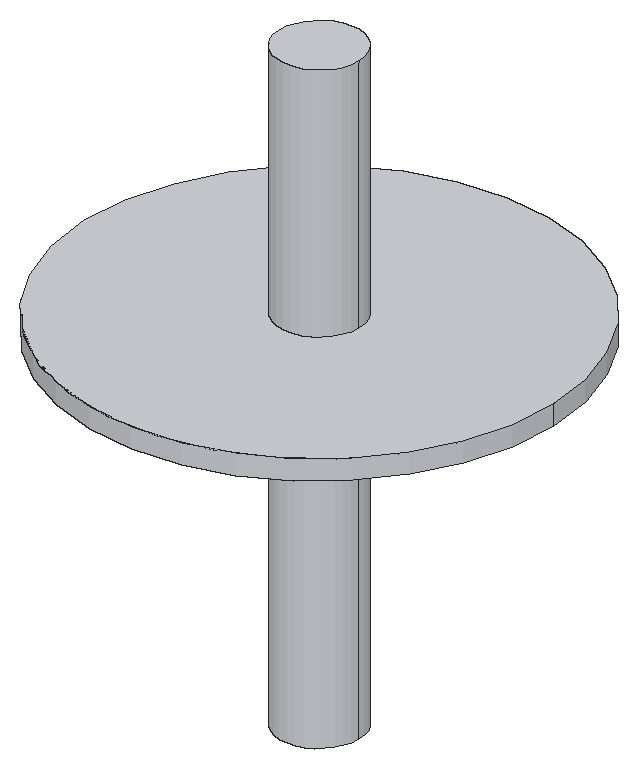
Revit family "6825a052920a43dd857d6d961dd2fb2f", category Sprinklers, host Face, Revit 2021
Family settings
  Host = Face
  Maintain Annotation Orientation = Yes
  Round Connector Dimension = Use Radius
  Part Type = Normal
  OmniClass Number = 23.65.70.17.11.24
  OmniClass Title = Fire Fighting Sprinkler Heads
  Seek Item ID = Sprinkler - Dry - Horizontal Sidewall - Semi-Recessed - Hosted-0000-USA-ENU
  Cut with Voids When Loaded = No
  Shared = No
  Room Calculation Point = No
Parameters (values of type "1/2" Dry Horizontal Sidewall")
  Temperature Rating = 135 °F
  Response = Standard
  Pressure Drop [instance] = 7.00 psi
  Pressure Class = Standard
  Orifice Size = 1/2"
  Orifice = Standard
  K-Factor = 5.6
  Flow [instance] = 30 GPM
  Escutcheon Diameter = 2 15/16"
  Coverage = Standard
  Nominal Diameter = Nominal Radius * 2  # 1/2"
  Nominal Radius = 1/4"
  Escutcheon Radius = 0.5 * Escutcheon Diameter  # 1 15/32"
  Protrusion = 1 5/8"
  Overall Length = 4 1/16"
  Escutcheon Thickness = 1/8"
  Default Elevation = 8' - 0"
  CEL = 1/4"
  Assembly Code = ""
Reference planes (in)
  plane 1 "Center (Front/Back)": y = 0
  plane 2: z = 0
  plane 3 "Center (Left/Right)": x = 0
  plane 4: z = -2.4375
  plane 5: z = 0.125
  plane 6: z = 1.625
  plane 7: z = -2.1875
Forms (in)
  Extrusion 1, solid
    sketch origin (0, 0, 0) x (1, 0, 0) y (0, 1, 0)
      loop
        circle (0, 0) r 0.25
    from -2.1875 to 1.625
  Extrusion 2, solid
    sketch origin (0, 0, 0) x (1, 0, 0) y (0, 1, 0)
      loop
        circle (0, 0) r 1.46875
    from 0 to 0.125
Cuts and joins
  joined: Extrusion 1, Extrusion 2
Dimensions and locks (in)
  "Escutcheon Thickness": plane 5 to level
  "Protrusion": plane 6 to level
  "Overall Length": plane 6 to plane 4
  "CEL": plane 7 to plane 4
  "Nominal Radius": radius of Extrusion 1 sketch curve
  "Escutcheon Radius": radius of Extrusion 2 sketch curve
  aligned and locked: plane 2 to host face
  aligned and locked: level to host face
  aligned and locked: Extrusion 2 to level
  aligned and locked: plane 5 to Extrusion 2
  aligned and locked: plane 6 to Extrusion 1
  aligned and locked: Extrusion 1 to plane 7
Automatic sketch dimensions
  Extrusion 1 sketch curve to plane 1 "Center (Front/Back)" = 0' - 0"
  Extrusion 1 sketch curve to plane 3 "Center (Left/Right)" = 0' - 0"
  Extrusion 2 sketch curve to plane 1 "Center (Front/Back)" = 0' - 0"
  Extrusion 2 sketch curve to plane 3 "Center (Left/Right)" = 0' - 0"
  host sketch curve to host sketch curve = 8' - 0"  (x2)
Nested families (in)
  nested 1: "Sprinkler - Symbol - Horizontal Sidewall" at (0, 0, 0), type "Sprinkler - Symbol - Horizontal Sidewall"
Connectors (in)
  piping at (0, 0, -2.1875), diameter 0.5, driven by "Nominal Radius", driven by "Flow", driven by "Pressure Drop"
    settings: on cut or joined group of Extrusion 1, Extrusion 2, index 1, connector inside diameter 1/2", connector length 0' - 0", flow factor 0, pipe flow 30 GPM, pressure drop 7.00 psi, fitting loss kfactor 0, connector angle 0.00°, fixture units 0, engagement length 0' - 0", angle of deflection 0.00°, flow configuration 1, flow direction 1, fitting loss method 4, system type 24, joint type 0, gender type 0, connector reference index -1, connector utility 0, adjustable connector no, is connector primary yes, connector description "In"
Definition of nested family "Sprinkler - Symbol - Horizontal Sidewall"
  Parameters
    Symbol Width = Symbol Depth  # 1/16"
    Symbol Half Width = 0.5 * Symbol Width  # 1/32"
    Symbol Depth = 1/16"
  Reference planes (in)
    plane 1: y = 0
    plane 2: x = 0
  Lines and regions (in)
    reference lines
      curve 1: line (-0.03125, 0, 0) -> (-0.03125, 0.0625, 0)
      curve 2: line (-0.03125, 0.0625, 0) -> (0.03125, 0.0625, 0)
      curve 3: line (0.03125, 0.0625, 0) -> (0.03125, 0, 0)
      curve 4: line (-0.03125, 0.0625, 0) -> (0, 0, 0)
      curve 5: line (0, 0, 0) -> (0.03125, 0.0625, 0)
    detail lines
      curve 6: line (-0.03125, 0.0625, 0) -> (0.03125, 0.0625, 0)
      curve 7: line (0.03125, 0.0625, 0) -> (0, 0, 0)
      curve 8: line (-0.03125, 0.0625, 0) -> (0, 0, 0)
  Dimensions and locks (in)
    equal spacing: curve 1, plane 2, curve 3
    "Symbol Depth": plane 1 to curve 2
    "Symbol Half Width": curve 1 to plane 2
    aligned and locked: plane 1 to curve 1
    aligned and locked: curve 6 to curve 2
    aligned and locked: curve 1 to curve 6
    aligned and locked: curve 6 to curve 3
    aligned and locked: curve 7 to curve 5
    aligned and locked: curve 2 to curve 7
    aligned and locked: plane 1 to curve 7
  Automatic sketch dimensions
    curve 5 to plane 1 = 0' - 0"
    curve 4 to plane 2 = 0' - 0"
    curve 3 to plane 1 = 0' - 0"
